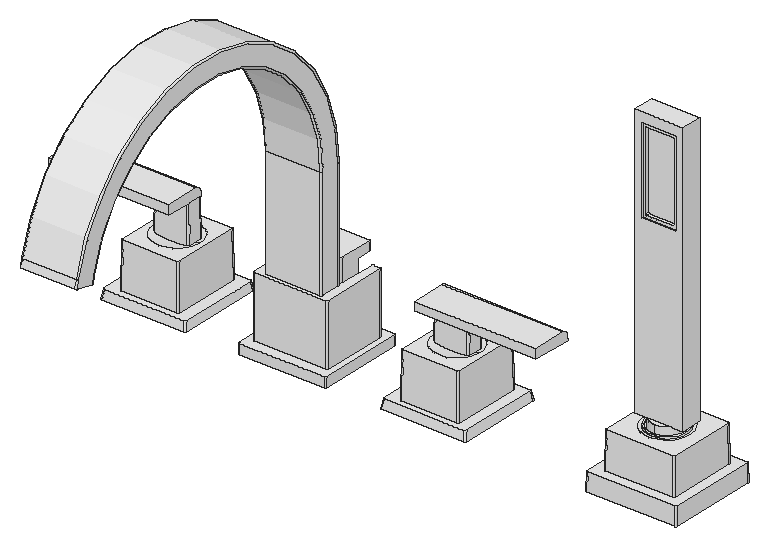
Revit family
Parameters (values of type "Polished Chrome")
  Version = 1
  Showerhead Orientation Angle [instance] = if(Right Handshower, 0.00°, 180.00°)  # 0.00°
  Waste Connection = no
  WFU = 0
  Vent Connection = no
  URL = "http://www.deltafaucet.com"
  Right Handshower [instance] = yes
  Product URL = "http://www.deltafaucet.com/bath/details/T4753.html"
  Overall Width [instance] = Distance from Center to Showerhead + (Handle Spread Distance / 2) + 0' 4.25787"  # 1' - 6.25787"
  Overall Length = 0' - 10.91535"  # constant formula
  Overall Height = 0' - 9.91929"  # constant formula
  Offset to Backsplash [instance] = 0' - 2 1/2"
  Model = "T4753"
  Manufacturer = "DELTA"  # constant formula
  Left Handshower [instance] = not(Right Handshower)  # no
  Hot Water Connection Radius = Hot Water Connection NPT / 2  # 1/4"
  Hot Water Connection NPT = 1/2"
  Handle Spread Distance [instance] = 0' - 8"
  HWFU = 0
  HW Connection = yes
  Flow Pressure [instance] = 0.00 psi
  Finish = Chrome - DELTA - Polished
  Distance from Center to Showerhead [instance] = 0' - 10"
  Description = "Roman Tub/Whirlpool Faucet Trim with Handshower"
  Collection = "Vero"  # constant formula
  Cold Water Connection Radius = Cold Water Connection NPT / 2  # 1/4"
  Cold Water Connection NPT = 1/2"
  CWFU = 0
  CW Connection = yes
  CADworks URL = "http://www.CADworks.net"
  Assembly Code = "D2010510"
  Actual Showerhead Offset [instance] = if(not(Distance from Center to Showerhead > ((Handle Spread Distance / 2) + 0' 4 1/2")), (Handle Spread Distance / 2) + 0' 5", Distance from Center to Showerhead)  # 0' - 10"
  ADA Compliant = yes
Reference planes (in)
  plane 1 "Center (Front/Back)": y = 0
  plane 2: z = 0
  plane 3 "Center (Left/Right)": x = 0
  plane 4: y = -9.31102
  plane 5 "Wall Closure": y = 2.5
  plane 6: x = -4
  plane 7: x = 4
  plane 8: z = 0.27953
  plane 9: z = 2.0315
  plane 10: z = 2.65354
  plane 11: y = -0.54724
  plane 12: z = 9.91929
  plane 13: z = -0.25
  plane 14: z = 0.51181
  plane 15: z = 1.55118
  plane 16: z = 2.61417
  plane 17: z = 0.25197
  plane 18: y = -9.61614
  plane 19: y = 1.29921
  plane 20: x = -6.95866
  plane 21: x = 6.95866
Forms (in)
  Extrusion 1, solid, material "Chrome - DELTA - Polished" <- "Finish"
    sketch origin (0, 0, 0) x (1, 0, 0) y (0, 1, 0)
      loop
        arc (-1.25, -1.20669) -> (-1.23732, -1.23732) -> (-1.20669, -1.25) r 0.04331
        line (-1.20669, -1.25) -> (1.20669, -1.25)
        arc (1.20669, -1.25) -> (1.23732, -1.23732) -> (1.25, -1.20669) r 0.04331
        line (1.25, -1.20669) -> (1.25, 1.20669)
        arc (1.25, 1.20669) -> (1.23732, 1.23732) -> (1.20669, 1.25) r 0.04331
        line (1.20669, 1.25) -> (-1.20669, 1.25)
        arc (-1.20669, 1.25) -> (-1.23732, 1.23732) -> (-1.25, 1.20669) r 0.04331
        line (-1.25, 1.20669) -> (-1.25, -1.20669)
    from 0 to 0.27953
  Extrusion 2, solid, material "Chrome - DELTA - Polished" <- "Finish"
    sketch origin (1.25, -180, 0.27953) x (0, -1, 0) y (-1, 0, 0)
      loop
        line (-180.95866, 2.27165) -> (-180.95866, 2.1063)
        arc (-180.95866, 2.1063) -> (-180.94598, 2.07568) -> (-180.91535, 2.06299) r 0.04331
        line (-180.91535, 2.06299) -> (-179.99803, 2.06299)
        arc (-179.99803, 2.06299) -> (-179.85884, 2.00534) -> (-179.80118, 1.86614) r 0.19685
        line (-179.80118, 1.86614) -> (-179.80118, 0.63386)
        arc (-179.80118, 0.63386) -> (-179.85884, 0.49466) -> (-179.99803, 0.43701) r 0.19685
        line (-179.99803, 0.43701) -> (-180.91535, 0.43701)
        arc (-180.91535, 0.43701) -> (-180.94598, 0.42432) -> (-180.95866, 0.3937) r 0.04331
        line (-180.95866, 0.3937) -> (-180.95866, 0.22835)
        arc (-180.95866, 0.22835) -> (-180.94598, 0.19772) -> (-180.91535, 0.18504) r 0.04331
        line (-180.91535, 0.18504) -> (-179.08465, 0.18504)
        arc (-179.08465, 0.18504) -> (-179.05402, 0.19772) -> (-179.04134, 0.22835) r 0.04331
        line (-179.04134, 0.22835) -> (-179.04134, 2.27165)
        arc (-179.04134, 2.27165) -> (-179.05402, 2.30228) -> (-179.08465, 2.31496) r 0.04331
        line (-179.08465, 2.31496) -> (-180.91535, 2.31496)
        arc (-180.91535, 2.31496) -> (-180.94598, 2.30228) -> (-180.95866, 2.27165) r 0.04331
    from 0 to -1.75197
  Extrusion 3, solid, material "Chrome - DELTA - Polished" <- "Finish", detail levels fine
    sketch origin (1.25, -180, 0.27953) x (0, -1, 0) y (-1, 0, 0)
      loop
        line (-180.94882, 1.97638) -> (-180.94882, 0.52362)
        arc (-180.94882, 0.52362) -> (-180.93613, 0.493) -> (-180.90551, 0.48031) r 0.04331
        line (-180.90551, 0.48031) -> (-179.94488, 0.48031)
        arc (-179.94488, 0.48031) -> (-179.86137, 0.51491) -> (-179.82677, 0.59843) r 0.11811
        line (-179.82677, 0.59843) -> (-179.82677, 1.90157)
        arc (-179.82677, 1.90157) -> (-179.86137, 1.98509) -> (-179.94488, 2.01969) r 0.11811
        line (-179.94488, 2.01969) -> (-180.90551, 2.01969)
        arc (-180.90551, 2.01969) -> (-180.93613, 2.007) -> (-180.94882, 1.97638) r 0.04331
    from 0 to -2.37402
  Extrusion 4, void
    sketch origin (0, 0, 0) x (0, 1, 0) y (0, 0, 1)
      loop
        line (0.95866, 2.40157) -> (0.51306, 2.40157)
        arc (0.51306, 2.40157) -> (0.4827, 2.38915) -> (0.46976, 2.35899) r 0.04331
        line (0.46976, 2.35899) -> (0.43504, 0.27953) -> (0.95866, 0.27953) -> (0.95866, 2.40157)
    from -0.7874 to 0.7874
  Sweep 5, solid, material "Chrome - DELTA - Polished" <- "Finish"
    path origin (0, 0, 0) x (0, 1, 0) y (0, 0, 1)
      loop
        line (-0.54724, 2.0315) -> (-0.54724, 5.19281)
        arc (-0.54724, 5.19281) -> (-4.46102, 9.57783) -> (-9.2609, 6.18561) r 4.41339
        line (-9.2609, 6.18561) -> (-9.31102, 5.9685)
    profile origin (0, -0.54724, 3.61215) x (0, -1, 0) y (1, 0, 0)
      loop
        arc (0.26969, -0.81299) -> (0.30031, -0.80031) -> (0.31299, -0.76969) r 0.04331
        line (0.31299, -0.76969) -> (0.31299, 0.76969)
        arc (0.31299, 0.76969) -> (0.30031, 0.80031) -> (0.26969, 0.81299) r 0.04331
        line (0.26969, 0.81299) -> (-0.26969, 0.81299)
        arc (-0.26969, 0.81299) -> (-0.30031, 0.80031) -> (-0.31299, 0.76969) r 0.04331
        line (-0.31299, 0.76969) -> (-0.31299, -0.76969)
        arc (-0.31299, -0.76969) -> (-0.30031, -0.80031) -> (-0.26969, -0.81299) r 0.04331
        line (-0.26969, -0.81299) -> (0.26969, -0.81299)
  Blend 6, solid, material "Chrome - DELTA - Polished" <- "Finish"
    base sketch origin (0, 0, 0) x (1, 0, 0) y (0, 1, 0)
      loop
        arc (2.77559, -1.1811) -> (2.78827, -1.21173) -> (2.8189, -1.22441) r 0.04331
        line (2.8189, -1.22441) -> (5.1811, -1.22441)
        arc (5.1811, -1.22441) -> (5.21173, -1.21173) -> (5.22441, -1.1811) r 0.04331
        line (5.22441, -1.1811) -> (5.22441, 1.1811)
        arc (5.22441, 1.1811) -> (5.21173, 1.21173) -> (5.1811, 1.22441) r 0.04331
        line (5.1811, 1.22441) -> (2.8189, 1.22441)
        arc (2.8189, 1.22441) -> (2.78827, 1.21173) -> (2.77559, 1.1811) r 0.04331
        line (2.77559, 1.1811) -> (2.77559, -1.1811)
    top sketch origin (0, 0, 0) x (1, 0, 0) y (0, 1, 0)
      loop
        line (5.1378, 1.1811) -> (2.8622, 1.1811)
        arc (2.8622, 1.1811) -> (2.83158, 1.16842) -> (2.8189, 1.1378) r 0.04331
        line (2.8189, 1.1378) -> (2.8189, -1.1378)
        arc (2.8189, -1.1378) -> (2.83158, -1.16842) -> (2.8622, -1.1811) r 0.04331
        line (2.8622, -1.1811) -> (5.1378, -1.1811)
        arc (5.1378, -1.1811) -> (5.16842, -1.16842) -> (5.1811, -1.1378) r 0.04331
        line (5.1811, -1.1378) -> (5.1811, 1.1378)
        arc (5.1811, 1.1378) -> (5.16842, 1.16842) -> (5.1378, 1.1811) r 0.04331
    from 0 to 0.25197
  Blend 7, solid, material "Chrome - DELTA - Polished" <- "Finish"
    base sketch origin (0, 0, 0) x (-1, 0, 0) y (0, -1, 0)
      loop
        line (2.77559, 1.1811) -> (2.77559, -1.1811)
        arc (2.77559, -1.1811) -> (2.78827, -1.21173) -> (2.8189, -1.22441) r 0.04331
        line (2.8189, -1.22441) -> (5.1811, -1.22441)
        arc (5.1811, -1.22441) -> (5.21173, -1.21173) -> (5.22441, -1.1811) r 0.04331
        line (5.22441, -1.1811) -> (5.22441, 1.1811)
        arc (5.22441, 1.1811) -> (5.21173, 1.21173) -> (5.1811, 1.22441) r 0.04331
        line (5.1811, 1.22441) -> (2.8189, 1.22441)
        arc (2.8189, 1.22441) -> (2.78827, 1.21173) -> (2.77559, 1.1811) r 0.04331
    top sketch origin (0, 0, 0) x (-1, 0, 0) y (0, -1, 0)
      loop
        arc (5.1378, -1.1811) -> (5.16842, -1.16842) -> (5.1811, -1.1378) r 0.04331
        line (5.1811, -1.1378) -> (5.1811, 1.1378)
        arc (5.1811, 1.1378) -> (5.16842, 1.16842) -> (5.1378, 1.1811) r 0.04331
        line (5.1378, 1.1811) -> (2.8622, 1.1811)
        arc (2.8622, 1.1811) -> (2.83158, 1.16842) -> (2.8189, 1.1378) r 0.04331
        line (2.8189, 1.1378) -> (2.8189, -1.1378)
        arc (2.8189, -1.1378) -> (2.83158, -1.16842) -> (2.8622, -1.1811) r 0.04331
        line (2.8622, -1.1811) -> (5.1378, -1.1811)
    from 0 to 0.25197
  Blend 8, solid, material "Chrome - DELTA - Polished" <- "Finish"
    base sketch origin (1.25, -180, 0.51181) x (0, -1, 0) y (1, 0, 0)
      loop
        arc (-179.03937, 1.91535) -> (-179.00875, 1.92804) -> (-178.99606, 1.95866) r 0.04331
        line (-178.99606, 1.95866) -> (-178.99606, 3.54134)
        arc (-178.99606, 3.54134) -> (-179.00875, 3.57196) -> (-179.03937, 3.58465) r 0.04331
        line (-179.03937, 3.58465) -> (-180.96063, 3.58465)
        arc (-180.96063, 3.58465) -> (-180.99125, 3.57196) -> (-181.00394, 3.54134) r 0.04331
        line (-181.00394, 3.54134) -> (-181.00394, 1.95866)
        arc (-181.00394, 1.95866) -> (-180.99125, 1.92804) -> (-180.96063, 1.91535) r 0.04331
        line (-180.96063, 1.91535) -> (-179.03937, 1.91535)
    top sketch origin (1.25, -180, 0.51181) x (0, -1, 0) y (1, 0, 0)
      loop
        arc (-180.98425, 1.98031) -> (-180.97157, 1.94969) -> (-180.94094, 1.93701) r 0.04331
        line (-180.94094, 1.93701) -> (-179.05906, 1.93701)
        arc (-179.05906, 1.93701) -> (-179.02843, 1.94969) -> (-179.01575, 1.98031) r 0.04331
        line (-179.01575, 1.98031) -> (-179.01575, 3.51969)
        arc (-179.01575, 3.51969) -> (-179.02843, 3.55031) -> (-179.05906, 3.56299) r 0.04331
        line (-179.05906, 3.56299) -> (-180.94094, 3.56299)
        arc (-180.94094, 3.56299) -> (-180.97157, 3.55031) -> (-180.98425, 3.51969) r 0.04331
        line (-180.98425, 3.51969) -> (-180.98425, 1.98031)
    from -0.25984 to 1.03937
  Blend 9, solid, material "Chrome - DELTA - Polished" <- "Finish"
    base sketch origin (-1.25, -180, 0.51181) x (0, 1, 0) y (-1, 0, 0)
      loop
        line (179.03937, 1.91535) -> (180.96063, 1.91535)
        arc (180.96063, 1.91535) -> (180.99125, 1.92804) -> (181.00394, 1.95866) r 0.04331
        line (181.00394, 1.95866) -> (181.00394, 3.54134)
        arc (181.00394, 3.54134) -> (180.99125, 3.57196) -> (180.96063, 3.58465) r 0.04331
        line (180.96063, 3.58465) -> (179.03937, 3.58465)
        arc (179.03937, 3.58465) -> (179.00875, 3.57196) -> (178.99606, 3.54134) r 0.04331
        line (178.99606, 3.54134) -> (178.99606, 1.95866)
        arc (178.99606, 1.95866) -> (179.00875, 1.92804) -> (179.03937, 1.91535) r 0.04331
    top sketch origin (-1.25, -180, 0.51181) x (0, 1, 0) y (-1, 0, 0)
      loop
        line (180.98425, 1.98031) -> (180.98425, 3.51969)
        arc (180.98425, 3.51969) -> (180.97157, 3.55031) -> (180.94094, 3.56299) r 0.04331
        line (180.94094, 3.56299) -> (179.05906, 3.56299)
        arc (179.05906, 3.56299) -> (179.02843, 3.55031) -> (179.01575, 3.51969) r 0.04331
        line (179.01575, 3.51969) -> (179.01575, 1.98031)
        arc (179.01575, 1.98031) -> (179.02843, 1.94969) -> (179.05906, 1.93701) r 0.04331
        line (179.05906, 1.93701) -> (180.94094, 1.93701)
        arc (180.94094, 1.93701) -> (180.97157, 1.94969) -> (180.98425, 1.98031) r 0.04331
    from -0.25984 to 1.03937
  Revolve 10, void
    sketch origin (0, 0, 0) x (1, 0, 0) y (0, 0, 1)
      loop
        line (4, 1.55118) -> (3.33858, 1.55118)
        arc (3.33858, 1.55118) -> (3.66696, 1.4922) -> (4, 1.47244) r 2.81732
        line (4, 1.47244) -> (4, 1.55118)
      axis (4, 1.55118) -> (4, 1.47244)
    angle from 0 to 360
  Revolve 11, void
    sketch origin (0, 0, 0) x (-1, 0, 0) y (0, 0, 1)
      loop
        line (4, 1.55118) -> (3.33858, 1.55118)
        arc (3.33858, 1.55118) -> (3.66696, 1.4922) -> (4, 1.47244) r 2.81732
        line (4, 1.47244) -> (4, 1.55118)
      axis (4, 1.55118) -> (4, 1.47244)
    angle from 0 to 360
  Blend 12, solid, material "Chrome - DELTA - Polished" <- "Finish"
    base sketch origin (1.25, -180, 1.55118) x (0, -1, 0) y (1, 0, 0)
      loop
        arc (-179.8189, 2.25) -> (-179.78827, 2.26268) -> (-179.77559, 2.29331) r 0.04331
        line (-179.77559, 2.29331) -> (-179.77559, 3.20669)
        arc (-179.77559, 3.20669) -> (-179.78827, 3.23732) -> (-179.8189, 3.25) r 0.04331
        line (-179.8189, 3.25) -> (-180.20472, 3.25)
        arc (-180.20472, 3.25) -> (-180.23535, 3.23732) -> (-180.24803, 3.20669) r 0.04331
        line (-180.24803, 3.20669) -> (-180.24803, 2.29331)
        arc (-180.24803, 2.29331) -> (-180.23535, 2.26268) -> (-180.20472, 2.25) r 0.04331
        line (-180.20472, 2.25) -> (-179.8189, 2.25)
    top sketch origin (1.25, -180, 1.55118) x (0, -1, 0) y (1, 0, 0)
      loop
        line (-179.77559, 2.31102) -> (-179.77559, 3.18898)
        arc (-179.77559, 3.18898) -> (-179.78827, 3.2196) -> (-179.8189, 3.23228) r 0.04331
        line (-179.8189, 3.23228) -> (-180.18898, 3.23228)
        arc (-180.18898, 3.23228) -> (-180.2196, 3.2196) -> (-180.23228, 3.18898) r 0.04331
        line (-180.23228, 3.18898) -> (-180.23228, 2.31102)
        arc (-180.23228, 2.31102) -> (-180.2196, 2.2804) -> (-180.18898, 2.26772) r 0.04331
        line (-180.18898, 2.26772) -> (-179.8189, 2.26772)
        arc (-179.8189, 2.26772) -> (-179.78827, 2.2804) -> (-179.77559, 2.31102) r 0.04331
    from -0.09843 to 1.06299
  Blend 13, solid, material "Chrome - DELTA - Polished" <- "Finish"
    base sketch origin (-1.25, -180, 1.55118) x (0, 1, 0) y (-1, 0, 0)
      loop
        line (179.8189, 2.25) -> (180.20472, 2.25)
        arc (180.20472, 2.25) -> (180.23535, 2.26268) -> (180.24803, 2.29331) r 0.04331
        line (180.24803, 2.29331) -> (180.24803, 3.20669)
        arc (180.24803, 3.20669) -> (180.23535, 3.23732) -> (180.20472, 3.25) r 0.04331
        line (180.20472, 3.25) -> (179.8189, 3.25)
        arc (179.8189, 3.25) -> (179.78827, 3.23732) -> (179.77559, 3.20669) r 0.04331
        line (179.77559, 3.20669) -> (179.77559, 2.29331)
        arc (179.77559, 2.29331) -> (179.78827, 2.26268) -> (179.8189, 2.25) r 0.04331
    top sketch origin (-1.25, -180, 1.55118) x (0, 1, 0) y (-1, 0, 0)
      loop
        arc (179.77559, 2.31102) -> (179.78827, 2.2804) -> (179.8189, 2.26772) r 0.04331
        line (179.8189, 2.26772) -> (180.18898, 2.26772)
        arc (180.18898, 2.26772) -> (180.2196, 2.2804) -> (180.23228, 2.31102) r 0.04331
        line (180.23228, 2.31102) -> (180.23228, 3.18898)
        arc (180.23228, 3.18898) -> (180.2196, 3.2196) -> (180.18898, 3.23228) r 0.04331
        line (180.18898, 3.23228) -> (179.8189, 3.23228)
        arc (179.8189, 3.23228) -> (179.78827, 3.2196) -> (179.77559, 3.18898) r 0.04331
        line (179.77559, 3.18898) -> (179.77559, 2.31102)
    from -0.09843 to 1.06299
  Extrusion 14, solid, material "Chrome - DELTA - Polished" <- "Finish"
    sketch origin (4, 61.77165, 48) x (0, 1, 0) y (0, 0, -1)
      loop
        line (-61.53868, 45.4252) -> (-62.67323, 45.38976) -> (-62.67323, 45.1378) -> (-61.70232, 45.1378)
        arc (-61.70232, 45.1378) -> (-61.58919, 45.18408) -> (-61.54093, 45.29639) r 0.16142
        line (-61.54093, 45.29639) -> (-61.53868, 45.4252)
    from -2.95866 to 0.48228
  Extrusion 15, solid, material "Chrome - DELTA - Polished" <- "Finish"
    sketch origin (-4, 61.77165, 48) x (0, 1, 0) y (0, 0, 1)
      loop
        line (-61.53868, -45.4252) -> (-61.54093, -45.29639)
        arc (-61.54093, -45.29639) -> (-61.58919, -45.18408) -> (-61.70232, -45.1378) r 0.16142
        line (-61.70232, -45.1378) -> (-62.67323, -45.1378) -> (-62.67323, -45.38976) -> (-61.53868, -45.4252)
    from -2.95866 to 0.48228
  Extrusion 16, solid, material "Chrome - DELTA - Polished" <- "Finish", detail levels fine
    sketch origin (1.25, -180, -0.25) x (0, -1, 0) y (-1, 0, 0)
      loop
        circle (-180, 5.25) r 0.25
      loop
        circle (-180, -2.75) r 0.25
    from 0 to -0.25
  Blend 17, solid, material "Chrome - DELTA - Polished" <- "Finish"
    base sketch origin (-0.00107, 0, 0) x (1, 0, 0) y (0, 1, 0)
      loop
        arc (8.70186, -1.25591) -> (8.71454, -1.28653) -> (8.74516, -1.29921) r 0.04331
        line (8.74516, -1.29921) -> (11.25697, -1.29921)
        arc (11.25697, -1.29921) -> (11.2876, -1.28653) -> (11.30028, -1.25591) r 0.04331
        line (11.30028, -1.25591) -> (11.30028, 1.25591)
        arc (11.30028, 1.25591) -> (11.2876, 1.28653) -> (11.25697, 1.29921) r 0.04331
        line (11.25697, 1.29921) -> (8.74516, 1.29921)
        arc (8.74516, 1.29921) -> (8.71454, 1.28653) -> (8.70186, 1.25591) r 0.04331
        line (8.70186, 1.25591) -> (8.70186, -1.25591)
    top sketch origin (-0.00107, 0, 0) x (1, 0, 0) y (0, 1, 0)
      loop
        line (11.2491, 1.29134) -> (8.75304, 1.29134)
        arc (8.75304, 1.29134) -> (8.72241, 1.27865) -> (8.70973, 1.24803) r 0.04331
        line (8.70973, 1.24803) -> (8.70973, -1.24803)
        arc (8.70973, -1.24803) -> (8.72241, -1.27865) -> (8.75304, -1.29134) r 0.04331
        line (8.75304, -1.29134) -> (11.2491, -1.29134)
        arc (11.2491, -1.29134) -> (11.27972, -1.27865) -> (11.29241, -1.24803) r 0.04331
        line (11.29241, -1.24803) -> (11.29241, 1.24803)
        arc (11.29241, 1.24803) -> (11.27972, 1.27865) -> (11.2491, 1.29134) r 0.04331
    from 0 to 0.51181
  Blend 18, solid, material "Chrome - DELTA - Polished" <- "Finish"
    base sketch origin (1.25, -180, 0.51181) x (0, -1, 0) y (1, 0, 0)
      loop
        line (-180.96063, 7.74606) -> (-179.03937, 7.74606)
        arc (-179.03937, 7.74606) -> (-179.00875, 7.75875) -> (-178.99606, 7.78937) r 0.04331
        line (-178.99606, 7.78937) -> (-178.99606, 9.71063)
        arc (-178.99606, 9.71063) -> (-179.00875, 9.74125) -> (-179.03937, 9.75394) r 0.04331
        line (-179.03937, 9.75394) -> (-180.96063, 9.75394)
        arc (-180.96063, 9.75394) -> (-180.99125, 9.74125) -> (-181.00394, 9.71063) r 0.04331
        line (-181.00394, 9.71063) -> (-181.00394, 7.78937)
        arc (-181.00394, 7.78937) -> (-180.99125, 7.75875) -> (-180.96063, 7.74606) r 0.04331
    top sketch origin (1.25, -180, 0.51181) x (0, -1, 0) y (1, 0, 0)
      loop
        arc (-180.98425, 7.80906) -> (-180.97157, 7.77843) -> (-180.94094, 7.76575) r 0.04331
        line (-180.94094, 7.76575) -> (-179.05906, 7.76575)
        arc (-179.05906, 7.76575) -> (-179.02843, 7.77843) -> (-179.01575, 7.80906) r 0.04331
        line (-179.01575, 7.80906) -> (-179.01575, 9.69094)
        arc (-179.01575, 9.69094) -> (-179.02843, 9.72157) -> (-179.05906, 9.73425) r 0.04331
        line (-179.05906, 9.73425) -> (-180.94094, 9.73425)
        arc (-180.94094, 9.73425) -> (-180.97157, 9.72157) -> (-180.98425, 9.69094) r 0.04331
        line (-180.98425, 9.69094) -> (-180.98425, 7.80906)
    from 0 to 1.03937
  Extrusion 19, solid, material "Chrome - DELTA - Polished" <- "Finish"
    sketch origin (1.25, -180, 1.55118) x (0, -1, 0) y (-1, 0, 0)
      loop
        circle (-180, -8.75) r 0.5625
      loop
        circle (-180, -8.75) r 0.52344
    from -0.03906 to 0.03906
  Sweep 20, void
    path origin (1.25, -180, 1.55118) x (0, -1, 0) y (1, 0, 0)
      loop
        circle (-180, 8.75) r 0.66016
    profile origin (9.33984, 0, 1.55118) x (-1, 0, 0) y (0, 0, 1)
      loop
        line (0, 0) -> (-0.62891, 0) -> (-0.62891, -0.07812)
        arc (-0.62891, -0.07812) -> (-0.31204, -0.05852) -> (0, 0) r 2.57041
  Extrusion 21, void
    sketch origin (1.25, -180, 1.55118) x (-1, 0, 0) y (0, -1, 0)
      loop
        circle (-8.75, -180) r 0.03125
    from 0 to -0.07812
  Extrusion 22, solid, material "Chrome - DELTA - Polished" <- "Finish"
    sketch origin (1.25, -180, 1.55118) x (0, -1, 0) y (-1, 0, 0)
      loop
        circle (-180, -8.75) r 0.45669
    from 0.09843 to -0.23622
  Extrusion 23, solid, material "Chrome - DELTA - Polished" <- "Finish"
    sketch origin (1.25, -180, 1.55118) x (0, -1, 0) y (-1, 0, 0)
      loop
        line (-180.29528, -8.06102) -> (-180.29528, -9.43898) -> (-179.70472, -9.43898) -> (-179.70472, -8.06102) -> (-180.29528, -8.06102)
    from -8.01181 to -0.23622
  Extrusion 24, void, detail levels medium+fine
    sketch origin (10.68898, -0.29528, 1.55118) x (1, 0, 0) y (0, 0, -1)
      loop
        line (-1.19094, -7.73622) -> (-0.18701, -7.73622) -> (-0.18701, -5.28346) -> (-1.19094, -5.28346) -> (-1.19094, -7.73622)
    from 0 to 0.03937
  Extrusion 25, void, detail levels medium+fine
    sketch origin (-2.92893, -7.32697, 0) x (-1, 0, 0) y (0, 0, 1)
      loop
        line (-12.55492, 9.20276) -> (-13.30295, 9.20276)
        arc (-13.30295, 9.20276) -> (-13.33357, 9.19007) -> (-13.34626, 9.15945) r 0.04331
        line (-13.34626, 9.15945) -> (-13.34626, 6.9626)
        arc (-13.34626, 6.9626) -> (-13.33357, 6.93198) -> (-13.30295, 6.91929) r 0.04331
        line (-13.30295, 6.91929) -> (-12.55492, 6.91929)
        arc (-12.55492, 6.91929) -> (-12.52429, 6.93198) -> (-12.51161, 6.9626) r 0.04331
        line (-12.51161, 6.9626) -> (-12.51161, 9.15945)
        arc (-12.51161, 9.15945) -> (-12.52429, 9.19007) -> (-12.55492, 9.20276) r 0.04331
    from 7.07107 to 7.16949
Cuts and joins
  Extrusion 4 cuts Extrusion 1
  Extrusion 4 cuts Extrusion 3
  Revolve 10, Revolve 11 cuts Blend 8
  Revolve 11 cuts Blend 9
  Sweep 20, Extrusion 21 cuts Blend 18
  Sweep 20, Extrusion 21 cuts Extrusion 19
  joined: Blend 18, Extrusion 19, Extrusion 22
  Extrusion 24, Extrusion 25 cuts Extrusion 23
Lines and regions (in)
  Masking region 1
    outline origin (0, 0, 0) x (1, 0, 0) y (0, 1, 0)
      loop
        line (-0.81299, -1.25) -> (-0.81299, -9.5738)
        spline (-0.81299, -9.5738) -> (-0.81262, -9.5793) -> (-0.81152, -9.58472) -> (-0.8097, -9.58994) -> (-0.80719, -9.5949) -> (-0.80404, -9.59948) -> (-0.80031, -9.60363) -> (-0.79605, -9.60727) -> (-0.79134, -9.61034) -> (-0.78626, -9.61278) -> (-0.78089, -9.61456) -> (-0.77534, -9.61563) -> (-0.76969, -9.61599)
        line (-0.76969, -9.61599) -> (0.76969, -9.61599)
        spline (0.76969, -9.61599) -> (0.77534, -9.61563) -> (0.78089, -9.61456) -> (0.78626, -9.61278) -> (0.79134, -9.61034) -> (0.79605, -9.60727) -> (0.80031, -9.60363) -> (0.80404, -9.59948) -> (0.80719, -9.5949) -> (0.8097, -9.58994) -> (0.81152, -9.58472) -> (0.81262, -9.5793) -> (0.81299, -9.5738)
        line (0.81299, -9.5738) -> (0.81299, -1.25) -> (1.20669, -1.25)
        arc (1.20669, -1.25) -> (1.23732, -1.23732) -> (1.25, -1.20669) r 0.04331
        line (1.25, -1.20669) -> (1.25, 1.20669)
        arc (1.25, 1.20669) -> (1.23732, 1.23732) -> (1.20669, 1.25) r 0.04331
        line (1.20669, 1.25) -> (-1.20669, 1.25)
        arc (-1.20669, 1.25) -> (-1.23732, 1.23732) -> (-1.25, 1.20669) r 0.04331
        line (-1.25, 1.20669) -> (-1.25, -1.20669)
        arc (-1.25, -1.20669) -> (-1.23732, -1.23732) -> (-1.20669, -1.25) r 0.04331
        line (-1.20669, -1.25) -> (-0.81299, -1.25)
  Masking region 2
    outline origin (0, 0, 0) x (1, 0, 0) y (0, 1, 0)
      loop
        arc (-2.8189, -1.22441) -> (-2.78827, -1.21173) -> (-2.77559, -1.1811) r 0.04331
        line (-2.77559, -1.1811) -> (-2.77559, 1.1811)
        arc (-2.77559, 1.1811) -> (-2.78827, 1.21173) -> (-2.8189, 1.22441) r 0.04331
        line (-2.8189, 1.22441) -> (-5.1811, 1.22441)
        arc (-5.1811, 1.22441) -> (-5.21173, 1.21173) -> (-5.22441, 1.1811) r 0.04331
        line (-5.22441, 1.1811) -> (-5.22441, 0.23297) -> (-6.95866, 0.23297) -> (-6.95866, -0.90157) -> (-5.22441, -0.90157) -> (-5.22441, -1.1811)
        arc (-5.22441, -1.1811) -> (-5.21173, -1.21173) -> (-5.1811, -1.22441) r 0.04331
        line (-5.1811, -1.22441) -> (-2.8189, -1.22441)
  Masking region 3
    outline origin (0, 0, 0) x (1, 0, 0) y (0, 1, 0)
      loop
        line (2.8189, -1.22441) -> (5.1811, -1.22441)
        arc (5.1811, -1.22441) -> (5.21173, -1.21173) -> (5.22441, -1.1811) r 0.04331
        line (5.22441, -1.1811) -> (5.22441, -0.90157) -> (6.95866, -0.90157) -> (6.95866, 0.23297) -> (5.22441, 0.23297) -> (5.22441, 1.1811)
        arc (5.22441, 1.1811) -> (5.21173, 1.21173) -> (5.1811, 1.22441) r 0.04331
        line (5.1811, 1.22441) -> (2.8189, 1.22441)
        arc (2.8189, 1.22441) -> (2.78827, 1.21173) -> (2.77559, 1.1811) r 0.04331
        line (2.77559, 1.1811) -> (2.77559, -1.1811)
        arc (2.77559, -1.1811) -> (2.78827, -1.21173) -> (2.8189, -1.22441) r 0.04331
  Masking region 4
    outline origin (0, 0, 0) x (1, 0, 0) y (0, 1, 0)
      loop
        arc (8.74409, 1.29921) -> (8.71347, 1.28653) -> (8.70079, 1.25591) r 0.04331
        line (8.70079, 1.25591) -> (8.70079, -1.25591)
        arc (8.70079, -1.25591) -> (8.71347, -1.28653) -> (8.74409, -1.29921) r 0.04331
        line (8.74409, -1.29921) -> (11.25591, -1.29921)
        arc (11.25591, -1.29921) -> (11.28653, -1.28653) -> (11.29921, -1.25591) r 0.04331
        line (11.29921, -1.25591) -> (11.29921, 1.25591)
        arc (11.29921, 1.25591) -> (11.28653, 1.28653) -> (11.25591, 1.29921) r 0.04331
        line (11.25591, 1.29921) -> (8.74409, 1.29921)
  symbolic lines
    curve 1: line (-5.22441, 0.23297, 9.91929) -> (-3.51772, 0.23297, 9.91929)
    curve 2: line (-3.51772, 0.23297, 9.91929) -> (-3.51772, -0.90157, 9.91929)
    curve 3: line (-3.51772, -0.90157, 9.91929) -> (-5.22441, -0.90157, 9.91929)
    curve 14: line (-0.81299, -1.25, 9.91929) -> (-0.81299, -0.27756, 9.91929)
    curve 15: arc (-0.81299, -0.27756, 9.91929) -> (-0.80031, -0.24694, 9.91929) -> (-0.76969, -0.23425, 9.91929) r 0.04331
    curve 16: line (-0.76969, -0.23425, 9.91929) -> (0.76969, -0.23425, 9.91929)
    curve 17: arc (0.76969, -0.23425, 9.91929) -> (0.80031, -0.24694, 9.91929) -> (0.81299, -0.27756, 9.91929) r 0.04331
    curve 18: line (0.81299, -0.27756, 9.91929) -> (0.81299, -1.25, 9.91929)
    curve 32: line (3.51772, 0.23297, 9.91929) -> (5.22441, 0.23297, 9.91929)
    curve 33: line (3.51772, -0.90157, 9.91929) -> (3.51772, 0.23297, 9.91929)
    curve 34: line (5.22441, -0.90157, 9.91929) -> (3.51772, -0.90157, 9.91929)
    curve 51: line (9.31102, 0.29528, 9.91929) -> (10.68898, 0.29528, 9.91929)
    curve 52: line (9.31102, -0.29528, 9.91929) -> (9.31102, 0.29528, 9.91929)
    curve 53: line (10.68898, -0.29528, 9.91929) -> (9.31102, -0.29528, 9.91929)
    curve 54: line (10.68898, 0.29528, 9.91929) -> (10.68898, -0.29528, 9.91929)
  symbolic lines, detail levels fine
    curve 4: arc (-4.61903, 0.23297, 9.91929) -> (-3.65045, 0.5615, 9.91929) -> (-3.51772, -0.45263, 9.91929) r 0.66142
    curve 26: line (-0.81299, 0.95866, 9.91929) -> (-0.81299, -0.00197, 9.91929)
    curve 27: line (0.81299, -0.00197, 9.91929) -> (0.81299, 0.95866, 9.91929)
    curve 29: arc (-0.81299, -0.00197, 9.91929) -> (-0.75534, -0.14116, 9.91929) -> (-0.61614, -0.19882, 9.91929) r 0.19685
    curve 30: line (-0.61614, -0.19882, 9.91929) -> (0.61614, -0.19882, 9.91929)
    curve 31: arc (0.61614, -0.19882, 9.91929) -> (0.75534, -0.14116, 9.91929) -> (0.81299, -0.00197, 9.91929) r 0.19685
    curve 35: arc (3.51772, -0.45263, 9.91929) -> (3.65045, 0.5615, 9.91929) -> (4.61903, 0.23297, 9.91929) r 0.66142
    curve 49: arc (9.40956, 0.29528, 9.91929) -> (10, 0.66016, 9.91929) -> (10.59044, 0.29528, 9.91929) r 0.66016
    curve 50: arc (10.59044, -0.29528, 9.91929) -> (10, -0.66016, 9.91929) -> (9.40956, -0.29528, 9.91929) r 0.66016
  symbolic lines, detail levels medium+fine
    curve 5: line (-4.83465, -0.96063, 9.91929) -> (-4.83465, -0.90157, 9.91929)
    curve 6: arc (-4.83465, 0.96063, 9.91929) -> (-4.82196, 0.99125, 9.91929) -> (-4.79134, 1.00394, 9.91929) r 0.04331
    curve 7: line (-4.79134, 1.00394, 9.91929) -> (-3.20866, 1.00394, 9.91929)
    curve 8: arc (-3.20866, 1.00394, 9.91929) -> (-3.17804, 0.99125, 9.91929) -> (-3.16535, 0.96063, 9.91929) r 0.04331
    curve 9: line (-3.16535, 0.96063, 9.91929) -> (-3.16535, -0.96063, 9.91929)
    curve 10: arc (-3.16535, -0.96063, 9.91929) -> (-3.17804, -0.99125, 9.91929) -> (-3.20866, -1.00394, 9.91929) r 0.04331
    curve 11: line (-3.20866, -1.00394, 9.91929) -> (-4.79134, -1.00394, 9.91929)
    curve 12: arc (-4.79134, -1.00394, 9.91929) -> (-4.82196, -0.99125, 9.91929) -> (-4.83465, -0.96063, 9.91929) r 0.04331
    curve 13: line (-4.83465, 0.23297, 9.91929) -> (-4.83465, 0.96063, 9.91929)
    curve 19: line (1.02165, -0.95866, 9.91929) -> (0.81299, -0.95866, 9.91929)
    curve 20: arc (-1.02165, -0.95866, 9.91929) -> (-1.05228, -0.94598, 9.91929) -> (-1.06496, -0.91535, 9.91929) r 0.04331
    curve 21: line (-1.06496, -0.91535, 9.91929) -> (-1.06496, 0.91535, 9.91929)
    curve 22: arc (1.06496, -0.91535, 9.91929) -> (1.05228, -0.94598, 9.91929) -> (1.02165, -0.95866, 9.91929) r 0.04331
    curve 23: line (1.06496, 0.91535, 9.91929) -> (1.06496, -0.91535, 9.91929)
    curve 24: arc (-1.06496, 0.91535, 9.91929) -> (-1.05228, 0.94598, 9.91929) -> (-1.02165, 0.95866, 9.91929) r 0.04331
    curve 25: line (-1.02165, 0.95866, 9.91929) -> (1.02165, 0.95866, 9.91929)
    curve 28: arc (1.02165, 0.95866, 9.91929) -> (1.05228, 0.94598, 9.91929) -> (1.06496, 0.91535, 9.91929) r 0.04331
    curve 36: line (3.20866, 1.00394, 9.91929) -> (4.79134, 1.00394, 9.91929)
    curve 37: arc (3.16535, 0.96063, 9.91929) -> (3.17804, 0.99125, 9.91929) -> (3.20866, 1.00394, 9.91929) r 0.04331
    curve 38: line (3.16535, -0.96063, 9.91929) -> (3.16535, 0.96063, 9.91929)
    curve 39: arc (4.79134, 1.00394, 9.91929) -> (4.82196, 0.99125, 9.91929) -> (4.83465, 0.96063, 9.91929) r 0.04331
    curve 40: line (4.83465, 0.96063, 9.91929) -> (4.83465, 0.23297, 9.91929)
    curve 41: arc (3.20866, -1.00394, 9.91929) -> (3.17804, -0.99125, 9.91929) -> (3.16535, -0.96063, 9.91929) r 0.04331
    curve 42: line (4.79134, -1.00394, 9.91929) -> (3.20866, -1.00394, 9.91929)
    curve 43: arc (4.83465, -0.96063, 9.91929) -> (4.82196, -0.99125, 9.91929) -> (4.79134, -1.00394, 9.91929) r 0.04331
    curve 44: line (4.83465, -0.90157, 9.91929) -> (4.83465, -0.96063, 9.91929)
    curve 45: line (-0.81299, -0.95866, 9.91929) -> (-1.02165, -0.95866, 9.91929)
    curve 55: line (8.99606, -0.96063, 9.91929) -> (8.99606, 0.96063, 9.91929)
    curve 56: line (9.03937, 1.00394, 9.91929) -> (10.96063, 1.00394, 9.91929)
    curve 57: arc (8.99606, 0.96063, 9.91929) -> (9.00875, 0.99125, 9.91929) -> (9.03937, 1.00394, 9.91929) r 0.04331
    curve 58: arc (10.96063, 1.00394, 9.91929) -> (10.99125, 0.99125, 9.91929) -> (11.00394, 0.96063, 9.91929) r 0.04331
    curve 59: line (11.00394, 0.96063, 9.91929) -> (11.00394, -0.96063, 9.91929)
    curve 60: arc (11.00394, -0.96063, 9.91929) -> (10.99125, -0.99125, 9.91929) -> (10.96063, -1.00394, 9.91929) r 0.04331
    curve 61: line (10.96063, -1.00394, 9.91929) -> (9.03937, -1.00394, 9.91929)
    curve 62: arc (9.03937, -1.00394, 9.91929) -> (9.00875, -0.99125, 9.91929) -> (8.99606, -0.96063, 9.91929) r 0.04331
  reference lines
    curve 46: line (10, 1, 0) -> (10, -1, 0)
    curve 47: line (0, 0, 0) -> (10, 0, 0)
    curve 48: line (9, 0, 0) -> (11, 0, 0)
Dimensions and locks (in)
  "Offset to Backsplash": plane 1 "Center (Front/Back)" to plane 5 "Wall Closure"
  locked: plane 4 to plane 1 "Center (Front/Back)" at 9.31102
  "Handle Spread Distance": plane 7 to plane 6
  equal spacing: plane 7, plane 3 "Center (Left/Right)", plane 6
  locked: plane 8 to plane 2 at 0.27953
  Extrusion 1 sketch curve to Extrusion 1 sketch curve to plane 3 "Center (Left/Right)" to Extrusion 1 sketch curve to Extrusion 1 sketch curve = 0' - 0.04331" locked, 0' - 1.20669" locked, 0' - 1.20669" locked, 0' - 0.04331" locked
  Extrusion 1 sketch curve to plane 3 "Center (Left/Right)" to Extrusion 1 sketch curve = 0' - 1.20669" locked, 0' - 1.20669" locked
  Extrusion 1 sketch curve to Extrusion 1 sketch curve to plane 1 "Center (Front/Back)" to Extrusion 1 sketch curve to Extrusion 1 sketch curve = 0' - 0.04331" locked, 0' - 1.20669" locked, 0' - 1.20669" locked, 0' - 0.04331" locked
  Extrusion 1 sketch curve to plane 1 "Center (Front/Back)" to Extrusion 1 sketch curve = 0' - 1.20669" locked, 0' - 1.20669" locked
  Extrusion 2 sketch curve to Extrusion 2 sketch curve to Extrusion 2 sketch curve to Extrusion 2 sketch curve to Extrusion 2 sketch curve to plane 3 "Center (Left/Right)" to Extrusion 2 sketch curve to Extrusion 2 sketch curve to Extrusion 2 sketch curve to Extrusion 2 sketch curve to Extrusion 2 sketch curve = 0' - 0.04331" locked, 0' - 0.16535" locked, 0' - 0.04331" locked, 0' - 0.19685" locked, 0' - 0.61614" locked, 0' - 0.61614" locked, 0' - 0.19685" locked, 0' - 0.04331" locked, 0' - 0.16535" locked, 0' - 0.04331" locked
  Extrusion 2 sketch curve to plane 3 "Center (Left/Right)" to Extrusion 2 sketch curve = 0' - 1.02165" locked, 0' - 1.02165" locked
  Extrusion 2 sketch curve to Extrusion 2 sketch curve to Extrusion 2 sketch curve to Extrusion 2 sketch curve to plane 1 "Center (Front/Back)" to Extrusion 2 sketch curve to Extrusion 2 sketch curve = 0' - 0.04331" locked, 0' - 0.71654" locked, 0' - 0.19685" locked, 0' - 0.00197" locked, 0' - 0.91535" locked, 0' - 0.04331" locked
  locked: plane 1 "Center (Front/Back)" to Extrusion 2 sketch curve at 0.91535  (x2)
  Extrusion 2 sketch curve to Extrusion 2 sketch curve to plane 1 "Center (Front/Back)" to Extrusion 2 sketch curve to Extrusion 2 sketch curve = 0' - 0.91339" locked, 0' - 0.00197" locked, 0' - 0.91535" locked, 0' - 0.04331" locked
  locked: plane 10 to plane 2 at 2.65354
  locked: plane 9 to plane 2 at 2.0315
  cut or joined group of Extrusion 3, Extrusion 4 to plane 3 "Center (Left/Right)" to cut or joined group of Extrusion 3, Extrusion 4 = 0' - 0.7874" locked, 0' - 0.7874" locked
  plane 1 "Center (Front/Back)" to Extrusion 4 sketch curve to Extrusion 4 sketch curve to Extrusion 4 sketch curve to Extrusion 4 sketch curve = 0' - 0.43504" locked, 0' - 0.03472" locked, 0' - 0.0433" locked, 0' - 0.4456" locked
  Extrusion 4 sketch curve to Extrusion 4 sketch curve to plane 10 = 0' - 0.04258" locked, 0' - 0.25197" locked
  locked: plane 11 to plane 1 "Center (Front/Back)" at 0.54724
  Sweep 5 sketch curve to Sweep 5 sketch curve to plane 3 "Center (Left/Right)" to Sweep 5 sketch curve to Sweep 5 sketch curve = 0' - 0.04331" locked, 0' - 0.76969" locked, 0' - 0.76969" locked, 0' - 0.04331" locked
  Sweep 5 sketch curve to plane 3 "Center (Left/Right)" to Sweep 5 sketch curve = 0' - 0.76969" locked, 0' - 0.76969" locked
  Sweep 5 sketch curve to Sweep 5 sketch curve to plane 11 to Sweep 5 sketch curve to Sweep 5 sketch curve = 0' - 0.04331" locked, 0' - 0.26969" locked, 0' - 0.26969" locked, 0' - 0.04331" locked
  Sweep 5 sketch curve to plane 11 to Sweep 5 sketch curve = 0' - 0.26969" locked, 0' - 0.26969" locked
  plane 9 to Sweep 5 sketch curve to Sweep 5 sketch curve = 0' - 3.93701" locked, 0' - 0.21711" locked
  locked: plane 9 to Sweep 5 sketch curve at 3.16132
  locked: plane 4 to Sweep 5 sketch curve at 0.05012
  "Overall Height": plane 12 to plane 2
  locked: plane 2 to plane 13 at 0.25
  locked: plane 14 to plane 2 at 0.51181
  Blend 6 sketch curve to Blend 6 sketch curve to plane 7 to Blend 6 sketch curve to Blend 6 sketch curve = 0' - 0.04331" locked, 0' - 1.1811" locked, 0' - 1.1811" locked, 0' - 0.04331" locked
  Blend 6 sketch curve to plane 7 to Blend 6 sketch curve = 0' - 1.1811" locked, 0' - 1.1811" locked
  Blend 6 sketch curve to Blend 6 sketch curve to plane 1 "Center (Front/Back)" to Blend 6 sketch curve to Blend 6 sketch curve = 0' - 0.04331" locked, 0' - 1.1811" locked, 0' - 1.1811" locked, 0' - 0.04331" locked
  Blend 6 sketch curve to plane 1 "Center (Front/Back)" to Blend 6 sketch curve = 0' - 1.1811" locked, 0' - 1.1811" locked
  Blend 6 sketch curve to Blend 6 sketch curve to plane 1 "Center (Front/Back)" to Blend 6 sketch curve to Blend 6 sketch curve = 0' - 0.04331" locked, 0' - 1.1378" locked, 0' - 1.1378" locked, 0' - 0.04331" locked
  Blend 6 sketch curve to plane 1 "Center (Front/Back)" to Blend 6 sketch curve = 0' - 1.1378" locked, 0' - 1.1378" locked
  Blend 6 sketch curve to Blend 6 sketch curve to plane 7 to Blend 6 sketch curve to Blend 6 sketch curve = 0' - 0.04331" locked, 0' - 1.1378" locked, 0' - 1.1378" locked, 0' - 0.04331" locked
  Blend 6 sketch curve to plane 7 to Blend 6 sketch curve = 0' - 1.1378" locked, 0' - 1.1378" locked
  Blend 7 sketch curve to Blend 7 sketch curve to plane 6 to Blend 7 sketch curve to Blend 7 sketch curve = 0' - 0.04331" locked, 0' - 1.1811" locked, 0' - 1.1811" locked, 0' - 0.04331" locked
  Blend 7 sketch curve to plane 6 to Blend 7 sketch curve = 0' - 1.1811" locked, 0' - 1.1811" locked
  Blend 7 sketch curve to Blend 7 sketch curve to plane 1 "Center (Front/Back)" to Blend 7 sketch curve to Blend 7 sketch curve = 0' - 0.04331" locked, 0' - 1.1811" locked, 0' - 1.1811" locked, 0' - 0.04331" locked
  Blend 7 sketch curve to plane 1 "Center (Front/Back)" to Blend 7 sketch curve = 0' - 1.1811" locked, 0' - 1.1811" locked
  Blend 7 sketch curve to Blend 7 sketch curve to plane 1 "Center (Front/Back)" to Blend 7 sketch curve to Blend 7 sketch curve = 0' - 0.04331" locked, 0' - 1.1378" locked, 0' - 1.1378" locked, 0' - 0.04331" locked
  Blend 7 sketch curve to plane 1 "Center (Front/Back)" to Blend 7 sketch curve = 0' - 1.1378" locked, 0' - 1.1378" locked
  Blend 7 sketch curve to Blend 7 sketch curve to plane 6 to Blend 7 sketch curve to Blend 7 sketch curve = 0' - 0.04331" locked, 0' - 1.1378" locked, 0' - 1.1378" locked, 0' - 0.04331" locked
  Blend 7 sketch curve to plane 6 to Blend 7 sketch curve = 0' - 1.1378" locked, 0' - 1.1378" locked
  locked: plane 17 to plane 15 at 1.29921
  Blend 8 sketch curve to Blend 8 sketch curve to plane 7 to Blend 8 sketch curve to Blend 8 sketch curve = 0' - 0.04331" locked, 0' - 0.79134" locked, 0' - 0.79134" locked, 0' - 0.04331" locked
  Blend 8 sketch curve to plane 7 to Blend 8 sketch curve = 0' - 0.79134" locked, 0' - 0.79134" locked
  Blend 8 sketch curve to Blend 8 sketch curve to plane 1 "Center (Front/Back)" to Blend 8 sketch curve to Blend 8 sketch curve = 0' - 0.04331" locked, 0' - 0.96063" locked, 0' - 0.96063" locked, 0' - 0.04331" locked
  Blend 8 sketch curve to plane 1 "Center (Front/Back)" to Blend 8 sketch curve = 0' - 0.96063" locked, 0' - 0.96063" locked
  Blend 8 sketch curve to Blend 8 sketch curve to plane 7 to Blend 8 sketch curve to Blend 8 sketch curve = 0' - 0.04331" locked, 0' - 0.76969" locked, 0' - 0.76969" locked, 0' - 0.04331" locked
  Blend 8 sketch curve to plane 7 to Blend 8 sketch curve = 0' - 0.76969" locked, 0' - 0.76969" locked
  Blend 8 sketch curve to Blend 8 sketch curve to plane 1 "Center (Front/Back)" to Blend 8 sketch curve to Blend 8 sketch curve = 0' - 0.04331" locked, 0' - 0.94094" locked, 0' - 0.94094" locked, 0' - 0.04331" locked
  Blend 8 sketch curve to plane 1 "Center (Front/Back)" to Blend 8 sketch curve = 0' - 0.94094" locked, 0' - 0.94094" locked
  Blend 9 sketch curve to Blend 9 sketch curve to plane 6 to Blend 9 sketch curve to Blend 9 sketch curve = 0' - 0.04331" locked, 0' - 0.79134" locked, 0' - 0.79134" locked, 0' - 0.04331" locked
  Blend 9 sketch curve to plane 6 to Blend 9 sketch curve = 0' - 0.79134" locked, 0' - 0.79134" locked
  Blend 9 sketch curve to Blend 9 sketch curve to plane 1 "Center (Front/Back)" to Blend 9 sketch curve to Blend 9 sketch curve = 0' - 0.04331" locked, 0' - 0.96063" locked, 0' - 0.96063" locked, 0' - 0.04331" locked
  Blend 9 sketch curve to plane 1 "Center (Front/Back)" to Blend 9 sketch curve = 0' - 0.96063" locked, 0' - 0.96063" locked
  Blend 9 sketch curve to Blend 9 sketch curve to Blend 9 sketch curve to Blend 9 sketch curve = 0' - 0.04331" locked, 0' - 1.53937", 0' - 0.04331" locked
  Blend 9 sketch curve to Blend 9 sketch curve = 0' - 1.53937"
  Blend 9 sketch curve to Blend 9 sketch curve to Blend 9 sketch curve to Blend 9 sketch curve = 0' - 0.04331" locked, 0' - 1.88189", 0' - 0.04331" locked
  Blend 9 sketch curve to Blend 9 sketch curve = 0' - 1.88189"
  locked: Revolve 10 sketch curve to Revolve 10 sketch curve at 0.66142
  locked: plane 15 to Revolve 10 sketch curve at 0.07874
  locked: Revolve 11 sketch curve to Revolve 11 sketch curve at 0.66142
  locked: plane 15 to Revolve 11 sketch curve at 0.07874
  Blend 12 sketch curve to Blend 12 sketch curve to plane 7 to Blend 12 sketch curve to Blend 12 sketch curve = 0' - 0.04331" locked, 0' - 0.45669" locked, 0' - 0.45669" locked, 0' - 0.04331" locked
  Blend 12 sketch curve to plane 7 to Blend 12 sketch curve = 0' - 0.45669" locked, 0' - 0.45669" locked
  Blend 12 sketch curve to Blend 12 sketch curve to plane 1 "Center (Front/Back)" to Blend 12 sketch curve to Blend 12 sketch curve = 0' - 0.04331" locked, 0' - 0.1811" locked, 0' - 0.20472" locked, 0' - 0.04331" locked
  Blend 12 sketch curve to plane 1 "Center (Front/Back)" to Blend 12 sketch curve = 0' - 0.1811" locked, 0' - 0.20472" locked
  Blend 12 sketch curve to Blend 12 sketch curve to plane 7 to Blend 12 sketch curve to Blend 12 sketch curve = 0' - 0.04331" locked, 0' - 0.43898" locked, 0' - 0.43898" locked, 0' - 0.04331" locked
  Blend 12 sketch curve to plane 7 to Blend 12 sketch curve = 0' - 0.43898" locked, 0' - 0.43898" locked
  Blend 12 sketch curve to Blend 12 sketch curve to plane 1 "Center (Front/Back)" to Blend 12 sketch curve to Blend 12 sketch curve = 0' - 0.04331" locked, 0' - 0.1811" locked, 0' - 0.18898" locked, 0' - 0.04331" locked
  Blend 12 sketch curve to plane 1 "Center (Front/Back)" to Blend 12 sketch curve = 0' - 0.1811" locked, 0' - 0.18898" locked
  locked: plane 16 to plane 2 at 2.61417
  Blend 13 sketch curve to Blend 13 sketch curve to plane 6 to Blend 13 sketch curve to Blend 13 sketch curve = 0' - 0.04331" locked, 0' - 0.45669" locked, 0' - 0.45669" locked, 0' - 0.04331" locked
  Blend 13 sketch curve to plane 6 to Blend 13 sketch curve = 0' - 0.45669" locked, 0' - 0.45669" locked
  Blend 13 sketch curve to Blend 13 sketch curve to plane 1 "Center (Front/Back)" to Blend 13 sketch curve to Blend 13 sketch curve = 0' - 0.04331" locked, 0' - 0.20472" locked, 0' - 0.1811" locked, 0' - 0.04331" locked
  Blend 13 sketch curve to plane 1 "Center (Front/Back)" to Blend 13 sketch curve = 0' - 0.20472" locked, 0' - 0.1811" locked
  Blend 13 sketch curve to Blend 13 sketch curve to plane 6 to Blend 13 sketch curve to Blend 13 sketch curve = 0' - 0.04331" locked, 0' - 0.43898" locked, 0' - 0.43898" locked, 0' - 0.04331" locked
  Blend 13 sketch curve to plane 6 to Blend 13 sketch curve = 0' - 0.43898" locked, 0' - 0.43898" locked
  Blend 13 sketch curve to Blend 13 sketch curve to plane 1 "Center (Front/Back)" to Blend 13 sketch curve to Blend 13 sketch curve = 0' - 0.04331" locked, 0' - 0.18898" locked, 0' - 0.1811" locked, 0' - 0.04331" locked
  Blend 13 sketch curve to plane 1 "Center (Front/Back)" to Blend 13 sketch curve = 0' - 0.18898" locked, 0' - 0.1811" locked
  locked: plane 15 to Blend 13 at 0.09843
  locked: plane 16 to Blend 13 at 1.16142
  locked: plane 15 to Blend 12 at 0.09843
  locked: plane 16 to Blend 12 at 1.16142
  Extrusion 14 sketch curve to plane 1 "Center (Front/Back)" to Extrusion 14 sketch curve to Extrusion 14 sketch curve to Extrusion 14 sketch curve = 0' - 0.90157" locked, 0' - 0.06933" locked, 0' - 0.16139" locked, 0' - 0.00225" locked
  Extrusion 14 sketch curve to Extrusion 14 sketch curve to plane 16 to Extrusion 14 sketch curve to Extrusion 14 sketch curve = 0' - 0.03543" locked, 0' - 0.00394" locked, 0' - 0.08943" locked, 0' - 0.1586" locked
  Extrusion 14 to plane 7 to Extrusion 14 = 0' - 0.48228" locked, 0' - 2.95866" locked
  Extrusion 15 sketch curve to plane 1 "Center (Front/Back)" to Extrusion 15 sketch curve to Extrusion 15 sketch curve to Extrusion 15 sketch curve = 0' - 0.90157" locked, 0' - 0.06933" locked, 0' - 0.16139" locked, 0' - 0.00225" locked
  Extrusion 15 sketch curve to Extrusion 15 sketch curve to plane 16 to Extrusion 15 sketch curve to Extrusion 15 sketch curve = 0' - 0.03543" locked, 0' - 0.00394" locked, 0' - 0.08943" locked, 0' - 0.1586" locked
  Extrusion 15 to plane 6 to Extrusion 15 = 0' - 0.48228" locked, 0' - 2.95866" locked
  locked: plane 17 to plane 2 at 0.25197
  locked: plane 1 "Center (Front/Back)" to plane 19 at 1.29921
  "Overall Length": plane 19 to plane 18
  locked: plane 6 to Extrusion 16 sketch curve at 0
  locked: plane 1 "Center (Front/Back)" to Extrusion 16 sketch curve at 0  (x2)
  locked: plane 7 to Extrusion 16 sketch curve at 0
  locked: plane 20 to plane 6 at 2.95866
  locked: plane 1 "Center (Front/Back)" to curve 26 at 0.95866
  locked: plane 1 "Center (Front/Back)" to curve 27 at 0.95866
  Extrusion 3 sketch curve to Extrusion 3 sketch curve to plane 3 "Center (Left/Right)" to Extrusion 3 sketch curve to Extrusion 3 sketch curve = 0' - 0.04331" locked, 0' - 0.72638" locked, 0' - 0.72638" locked, 0' - 0.04331" locked
  Extrusion 3 sketch curve to plane 3 "Center (Left/Right)" to Extrusion 3 sketch curve = 0' - 0.65157" locked, 0' - 0.65157" locked
  Extrusion 3 sketch curve to Extrusion 3 sketch curve to plane 1 "Center (Front/Back)" to Extrusion 3 sketch curve to Extrusion 3 sketch curve = 0' - 0.11811" locked, 0' - 0.05512" locked, 0' - 0.90551" locked, 0' - 0.04331" locked
  Extrusion 3 sketch curve to plane 1 "Center (Front/Back)" to Extrusion 3 sketch curve = 0' - 0.05512" locked, 0' - 0.90551" locked
  "Actual Showerhead Offset": curve 47 to curve 47
  curve 46 to curve 47 to curve 46 = 0' - 1" locked, 0' - 1" locked
  curve 48 to curve 46 to curve 48 = 0' - 1" locked, 0' - 1" locked
  locked: curve 47 to curve 48 at 0
  Blend 17 sketch curve to Blend 17 sketch curve to curve 46 to Blend 17 sketch curve to Blend 17 sketch curve = 0' - 0.04331" locked, 0' - 1.25591" locked, 0' - 1.25591" locked, 0' - 0.04331" locked
  Blend 17 sketch curve to curve 46 to Blend 17 sketch curve = 0' - 1.25591" locked, 0' - 1.25591" locked
  Blend 17 sketch curve to Blend 17 sketch curve to curve 48 to Blend 17 sketch curve to Blend 17 sketch curve = 0' - 0.04331" locked, 0' - 1.25591" locked, 0' - 1.25591" locked, 0' - 0.04331" locked
  Blend 17 sketch curve to curve 48 to Blend 17 sketch curve = 0' - 1.25591" locked, 0' - 1.25591" locked
  Blend 17 sketch curve to Blend 17 sketch curve to curve 46 to Blend 17 sketch curve to Blend 17 sketch curve = 0' - 0.04331" locked, 0' - 1.24803" locked, 0' - 1.24803" locked, 0' - 0.04331" locked
  Blend 17 sketch curve to curve 46 to Blend 17 sketch curve = 0' - 1.24803" locked, 0' - 1.24803" locked
  Blend 17 sketch curve to Blend 17 sketch curve to curve 47 to Blend 17 sketch curve to Blend 17 sketch curve = 0' - 0.04331" locked, 0' - 1.24803" locked, 0' - 1.24803" locked, 0' - 0.04331" locked
  Blend 17 sketch curve to curve 48 to Blend 17 sketch curve = 0' - 1.24803" locked, 0' - 1.24803" locked
  Blend 18 sketch curve to Blend 18 sketch curve to curve 46 to Blend 18 sketch curve to Blend 18 sketch curve = 0' - 0.04331" locked, 0' - 0.96063" locked, 0' - 0.96063" locked, 0' - 0.04331" locked
  Blend 18 sketch curve to curve 46 to Blend 18 sketch curve = 0' - 0.96063" locked, 0' - 0.96063" locked
  Blend 18 sketch curve to Blend 18 sketch curve to curve 48 to Blend 18 sketch curve to Blend 18 sketch curve = 0' - 0.04331" locked, 0' - 0.96063" locked, 0' - 0.96063" locked, 0' - 0.04331" locked
  Blend 18 sketch curve to curve 48 to Blend 18 sketch curve = 0' - 0.96063" locked, 0' - 0.96063" locked
  Blend 18 sketch curve to Blend 18 sketch curve to curve 46 to Blend 18 sketch curve to Blend 18 sketch curve = 0' - 0.04331" locked, 0' - 0.94094" locked, 0' - 0.94094" locked, 0' - 0.04331" locked
  Blend 18 sketch curve to curve 46 to Blend 18 sketch curve = 0' - 0.94094" locked, 0' - 0.94094" locked
  Blend 18 sketch curve to Blend 18 sketch curve to curve 48 to Blend 18 sketch curve to Blend 18 sketch curve = 0' - 0.04331" locked, 0' - 0.94094" locked, 0' - 0.94094" locked, 0' - 0.04331" locked
  Blend 18 sketch curve to curve 48 to Blend 18 sketch curve = 0' - 0.94094" locked, 0' - 0.94094" locked
  locked: curve 46 to Extrusion 19 sketch curve at 0  (x2)
  locked: curve 48 to Extrusion 19 sketch curve at 0  (x2)
  equal spacing: Extrusion 19, plane 15, Extrusion 19, locked at 0.03906 each
  locked: Extrusion 19 to Extrusion 19 at 0.07812
  locked: curve 46 to Sweep 20 sketch curve at 0
  locked: curve 48 to Sweep 20 sketch curve at 0
  locked: profile plane to Sweep 20 sketch curve at 0.62891
  plane 15 to Sweep 20 sketch curve to Sweep 20 sketch curve = 0' - 0" locked, 0' - 0 5/64" locked
  locked: curve 46 to Extrusion 21 sketch curve at 0
  locked: curve 48 to Extrusion 21 sketch curve at 0
  locked: plane 15 to cut or joined group of Blend 18, Extrusion 19, Sweep 20, Extrusion 21, Extrusion 22 at 0.07812
  locked: cut or joined group of Blend 18, Extrusion 19, Sweep 20, Extrusion 21, Extrusion 22 to cut or joined group of Blend 18, Extrusion 19, Sweep 20, Extrusion 21, Extrusion 22 at 0.11719
  locked: curve 46 to Extrusion 22 sketch curve
  locked: curve 48 to Extrusion 22 sketch curve at 0
  locked: Extrusion 23 to plane 15 at 0.23622
  locked: plane 12 to Extrusion 23 at 0.3563
  locked: Extrusion 23 to Extrusion 23 at 7.77559
  Extrusion 23 sketch curve to curve 46 to Extrusion 23 sketch curve = 0' - 0.68898" locked, 0' - 0.68898" locked
  Extrusion 23 sketch curve to curve 48 to Extrusion 23 sketch curve = 0' - 0.29528" locked, 0' - 0.29528" locked
  cut or joined group of Extrusion 23, Extrusion 24, Extrusion 25 to Extrusion 24 sketch curve to Extrusion 24 sketch curve = 0' - 0.18701" locked, 0' - 1.00394" locked
  plane 12 to Extrusion 24 sketch curve to Extrusion 24 sketch curve = 0' - 0.63189" locked, 0' - 2.45276" locked
  cut or joined group of Extrusion 23, Extrusion 24, Extrusion 25 to Extrusion 25 sketch curve to Extrusion 25 sketch curve to Extrusion 25 sketch curve to Extrusion 25 sketch curve = 0' - 0.27165" locked, 0' - 0.04331" locked, 0' - 0.74803" locked, 0' - 0.04331" locked
  Extrusion 25 sketch curve to Extrusion 25 sketch curve to cut or joined group of Extrusion 23, Extrusion 24, Extrusion 25 = 0' - 0.74803" locked, 0' - 0.31496" locked
  plane 12 to Extrusion 25 sketch curve to Extrusion 25 sketch curve to Extrusion 25 sketch curve to Extrusion 25 sketch curve = 0' - 0.71654" locked, 0' - 0.04331" locked, 0' - 2.19685" locked, 0' - 0.04331" locked
  plane 12 to Extrusion 25 sketch curve to Extrusion 25 sketch curve = 0' - 0.75984" locked, 0' - 2.19685" locked
  locked: cut or joined group of Extrusion 23, Extrusion 24, Extrusion 25 to curve 48 at 0.25591
  locked: cut or joined group of Extrusion 23, Extrusion 24, Extrusion 25 to cut or joined group of Extrusion 23, Extrusion 24, Extrusion 25 at 0.55118
  locked: cut or joined group of Extrusion 23, Extrusion 24, Extrusion 25 to curve 48 at 0.15748
  locked: cut or joined group of Extrusion 23, Extrusion 24, Extrusion 25 to cut or joined group of Extrusion 23, Extrusion 24, Extrusion 25 at 0.45276
  locked: plane 7 to plane 21 at 2.95866
  curve 53 to curve 48 to curve 51 = 0' - 0.29528" locked, 0' - 0.29528" locked
  curve 52 to curve 46 to curve 54 = 0' - 0.68898" locked, 0' - 0.68898" locked
  locked: curve 46 to curve 50 at 0
  locked: curve 46 to curve 49 at 0
  curve 49 to curve 46 to curve 49 = 0' - 0.59044" locked, 0' - 0.59044" locked
  curve 50 to curve 46 to curve 50 = 0' - 0.59044" locked, 0' - 0.59044" locked
  curve 55 to curve 57 to curve 46 to curve 58 to curve 59 = 0' - 0.04331" locked, 0' - 0.96063" locked, 0' - 0.96063" locked, 0' - 0.04331" locked
  curve 62 to curve 46 to curve 61 = 0' - 0.96063" locked, 0' - 0.96063" locked
  curve 61 to curve 60 to curve 48 to curve 59 to curve 56 = 0' - 0.04331" locked, 0' - 0.96063" locked, 0' - 0.96063" locked, 0' - 0.04331" locked
  radius of Extrusion 1 sketch curve = 0' - 0.04331"  (x4)
  radius of Extrusion 2 sketch curve = 0' - 0.04331"  (x6)
  radius of Extrusion 2 sketch curve = 0' - 0.19685"  (x2)
  radius of Extrusion 4 sketch curve = 0' - 0.04331"
  radius of Sweep 5 sketch curve = 0' - 0.04331"  (x4)
  radius of Sweep 5 sketch curve = 0' - 4.41339"
  radius of Blend 6 sketch curve = 0' - 0.04331"  (x8)
  radius of Blend 7 sketch curve = 0' - 0.04331"  (x8)
  radius of Blend 8 sketch curve = 0' - 0.04331"  (x8)
  radius of Blend 9 sketch curve = 0' - 0.04331"  (x8)
  radius of Revolve 10 sketch curve = 0' - 2.81732"
  radius of Revolve 11 sketch curve = 0' - 2.81732"
  radius of Blend 12 sketch curve = 0' - 0.04331"  (x8)
  radius of Blend 13 sketch curve = 0' - 0.04331"  (x8)
  radius of Extrusion 14 sketch curve = 0' - 0.16142"
  radius of Extrusion 15 sketch curve = 0' - 0.16142"
  "Cold Water Connection Radius": radius of Extrusion 16 sketch curve
  "Hot Water Connection Radius": radius of Extrusion 16 sketch curve
  radius of Extrusion 3 sketch curve = 0' - 0.04331"  (x2)
  radius of Extrusion 3 sketch curve = 0' - 0.11811"  (x2)
  radius of Blend 17 sketch curve = 0' - 0.04331"  (x8)
  radius of Blend 18 sketch curve = 0' - 0.04331"  (x8)
  radius of Extrusion 19 sketch curve = 0' - 0 9/16"
  radius of Extrusion 19 sketch curve = 0' - 0 67/128"
  radius of Sweep 20 sketch curve = 0' - 0 169/256"
  radius of Extrusion 21 sketch curve = 0' - 0 1/32"
  radius of Extrusion 22 sketch curve = 0' - 0.45669"
  radius of Extrusion 25 sketch curve = 0' - 0.04331"  (x4)
  radius of curve 49 = 0' - 0 169/256"
  radius of curve 50 = 0' - 0 169/256"
  radius of curve 57 = 0' - 0.04331"
  radius of curve 62 = 0' - 0.04331"
  radius of curve 60 = 0' - 0.04331"
  radius of curve 58 = 0' - 0.04331"
  "Showerhead Orientation Angle": angle curve 47 to plane 1 "Center (Front/Back)"
  locked: curve 46 to plane 1 "Center (Front/Back)" (angle 90.00°)
  aligned and locked: Extrusion 1 to plane 2
  aligned and locked: Extrusion 1 to plane 8
  aligned and locked: plane 8 to Extrusion 2
  aligned and locked: Extrusion 2 to plane 9
  aligned and locked: plane 8 to Extrusion 3
  aligned and locked: Extrusion 3 to plane 10
  aligned and locked: Extrusion 4 sketch curve to plane 8
  aligned and locked: plane 9 to Sweep 5 sketch curve
  aligned and locked: plane 11 to Sweep 5 sketch curve
  aligned and locked: plane 4 to Sweep 5 sketch curve
  aligned: Blend 6 to plane 14
  aligned and locked: Blend 6 to plane 2
  aligned and locked: Blend 7 to plane 2
  aligned: Blend 7 to plane 14
  aligned and locked: Blend 8 to plane 15
  aligned: plane 14 to Blend 8
  aligned: plane 14 to Blend 9
  aligned and locked: Blend 9 to plane 15
  aligned and locked: plane 7 to Revolve 10 sketch curve
  aligned and locked: Revolve 10 sketch curve to Revolve 10 sketch curve
  aligned and locked: plane 15 to Revolve 10 sketch curve
  aligned and locked: Revolve 11 sketch curve to Revolve 11 sketch curve
  aligned and locked: Revolve 11 sketch curve to plane 6
  aligned and locked: Revolve 11 sketch curve to plane 15
  aligned: Blend 12 to plane 16  (x2)
